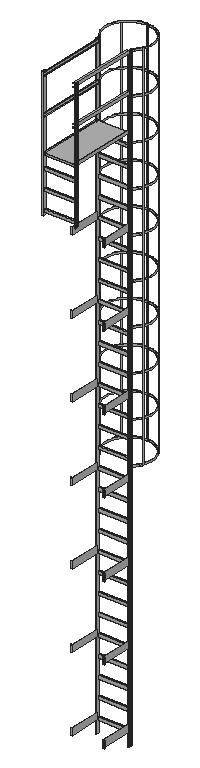
Revit family "Drabina_ewakuacyjna_z_attyka", category Specialty Equipment, host Wall, Revit 2019
Family settings
  Host = Wall
  Round Connector Dimension = Use Diameter
  Part Type = Normal
  Always vertical = Yes
  Cut with Voids When Loaded = No
  Shared = No
  Room Calculation Point = No
Parameters (values of type "50cm od sciany")
  Wysokosc_kosza [instance] = 6000 mm
  URL = "taniedrabiny.pl"
  Type Comments = "Drabina z koszem i wejściem na dach"
  Odsuniecie_od_sciany = Odleglosc_od_sciany + 20 mm  # 520 mm
  Odleglosc_od_sciany = 500 mm
  Material = Blacha ocynkowana Ruukki
  Liczba_szczebli [instance] = (Dlugosc_drabiny - 200 mm) / 300 mm - 4  # 29
  Liczba_okregow_kosza [instance] = Wysokosc_kosza / 600 mm  # 10
  Liczba_mocowan [instance] = Dlugosc_drabiny / 1200 mm - 1  # 7
  Kosz [instance] = yes
  Dlugosc_drabiny [instance] = 10000 mm
Types (3, lengths in mm): name | Odsuniecie_od_sciany | Odleglosc_od_sciany | Material | Liczba_szczebli | Liczba_mocowan | Dlugosc_drabiny
  16cm od sciany | 180 | 160 | Aluminum, Anodized Red | 21 | 5 | 7700
  30cm od sciany | 320 | 300 | Blacha ocynkowana Ruukki | 21 | 5 | 7700
  50cm od sciany | 520 | 500 | Blacha ocynkowana Ruukki | 29 | 7 | 10000
Reference planes
  plane 1 "Wall": y = 0
  plane 2 "Center (Left/Right)": x = 125
  plane 3 "Back": y = 75
  plane 4 "odsuniecie_od_sciany": y = 595
  plane 5: z = 1000
Forms (mm)
  Sweep 1, solid, material "Blacha ocynkowana Ruukki" <- "Material"
    path in 3D
      loop
        line (386, 595, 800) -> (386, 595, 10800)
    profile "Profil_cienkoscienny_C : Profil_cienkoscienny_C" origin (386, 595, 5800) x (-1, 0, 0) y (0, -1, 0)
      loop
        line (11, 18.5) -> (11, -18.5) -> (-12.5, -18.5) -> (-12.5, -20) -> (12.5, -20) -> (12.5, 20) -> (-12.5, 20) -> (-12.5, 18.5) -> (11, 18.5)
  Sweep 2, solid, material "Blacha ocynkowana Ruukki" <- "Material"
    path in 3D
      loop
        line (-136, 595, 800) -> (-136, 595, 10800)
    profile "Profil_cienkoscienny_C : Profil_cienkoscienny_C" origin (-136, 595, 5800) x (-1, 0, 0) y (0, -1, 0)
      loop
        line (-11, 18.5) -> (12.5, 18.5) -> (12.5, 20) -> (-12.5, 20) -> (-12.5, -20) -> (12.5, -20) -> (12.5, -18.5) -> (-11, -18.5) -> (-11, 18.5)
Lines and regions (mm)
  Masking region 1
    outline origin (0, 0, 0) x (1, 0, 0) y (0, 1, 0)
      loop
        line (-148.5, 613.5) -> (-148.5, 576.5) -> (-125, 576.5) -> (-125, 613.5) -> (-148.5, 613.5)
      loop
        line (375, 576.5) -> (398.5, 576.5) -> (398.5, 613.5) -> (375, 613.5) -> (375, 576.5)
  reference lines
    curve 1: line (386, 595, 800) -> (386, 595, 10800)
    curve 2: line (-136, 595, 800) -> (-136, 595, 10800)
  sketch lines
    curve 3: line (386, 595, 800) -> (386, 595, 10800)
    curve 4: line (-136, 595, 800) -> (-136, 595, 10800)
Text (mm)
  text "Placement Side" at (-1848.837, 1116.779, 0), in view "Ref. Level"
  text "Placement side" at (0, 1409.804, 2854.306), in view "Left"
  text "Placement side" at (0, 499.811, 2980.732), in view "Right"
Dimensions and locks
  locked: plane 3 "Back" to host wall
  equal spacing: curve 2, plane 2 "Center (Left/Right)", curve 1  (x2)
  level to curve 1 = 800 mm
  level to curve 2 = 800 mm
  "Dlugosc_drabiny": curve 1 to curve 1
  "Dlugosc_drabiny": curve 2 to curve 2
  curve 2 to curve 1 = 522 mm
  locked: curve 1 to plane 5 at 200
  "Odsuniecie_od_sciany": plane 3 "Back" to plane 4 "odsuniecie_od_sciany"
  Sweep 1 to Sweep 2 = 500 mm
  aligned and locked: plane 1 "Wall" to host wall
  aligned and locked: plane 4 "odsuniecie_od_sciany" to curve 2
  aligned and locked: plane 4 "odsuniecie_od_sciany" to nested 1
  aligned and locked: plane 5 to nested 1
  aligned and locked: nested 2 to Sweep 2  (x2)
  aligned and locked: nested 3 to plane 3 "Back"
  aligned and locked: plane 5 to nested 3
  aligned and locked: nested 4 to plane 5
  aligned and locked: plane 3 "Back" to nested 4
  aligned and locked: Sweep 2 to Masking region 1 sketch curve
  aligned and locked: Masking region 1 sketch curve to Sweep 2  (x2)
  aligned and locked: Sweep 2 to nested 3
  aligned and locked: Masking region 1 sketch curve to Sweep 1  (x3)
  aligned and locked: Sweep 1 to nested 4
  aligned and locked: plane 3 "Back" to nested 3
  aligned and locked: nested 4 to plane 3 "Back"
  aligned and locked: nested 5 to Sweep 2  (x2)
Automatic sketch dimensions
  Masking region 1 sketch curve to Masking region 1 sketch curve = 23.5 mm  (x2)
Nested families
  nested 1: "Szczeble_szereg" at (125, 595, 1025), type "Szczeble_szereg"
    with Szerokosc_szczebli 500 mm, Liczba_szczebli 29
  nested 2: "Kosz_drabiny" at (125, 615, 4800), visible <- "Kosz", type "Kosz_drabiny"
    with Wysokosc_kosza 6000 mm, Liczba_okregow_kosza 10
  nested 3: "Mocowania_szereg" at (-123.5, 325, 1000) x (0, -1, 0) z (0, 0, 1), type "Mocowanie"
    with Liczba_mocowan 7, Glebokosc 500 mm
  nested 4: "Mocowania_szereg" at (373.5, 325, 1000) x (0, -1, 0) z (0, 0, 1), type "Mocowanie"
    with Liczba_mocowan 7, Glebokosc 500 mm
  nested 5: "Przejscie_attyka_do_drabiny" at (125, 36.5, 8730) x (-1, 0, 0) z (0, 0, 1), type "Przejscie_attyka_do_drabiny"
Definition of nested family "Szczeble_szereg"
  Parameters (values of type "Szczeble_szereg")
    Szerokosc_szczebli = 512.5 mm
    Material = none
    Liczba_szczebli = 19
  Reference planes
    plane 1 "Center (Front/Back)": y = 0
    plane 2: z = 0
    plane 3 "Center (Left/Right)": x = 0
  Dimensions and locks
    equal spacing: group 1, group 2, group 3, group 4, group 5, group 6, group 7, group 8, group 9, group 10, group 11, group 12, group 13, group 14, group 15, group 16, group 17, group 18, group 19  (x3)
    aligned and locked: level to plane 2
  Nested families
    nested 1: "Szcebel_drabiny" at (0, 0, 0), type "Szcebel_drabiny"
    nested 2: "Szcebel_drabiny" at (0, 0, 300), type "Szcebel_drabiny"
    nested 3: "Szcebel_drabiny" at (0, 0, 600), type "Szcebel_drabiny"
    nested 4: "Szcebel_drabiny" at (0, 0, 900), type "Szcebel_drabiny"
    nested 5: "Szcebel_drabiny" at (0, 0, 1200), type "Szcebel_drabiny"
    nested 6: "Szcebel_drabiny" at (0, 0, 1500), type "Szcebel_drabiny"
    nested 7: "Szcebel_drabiny" at (0, 0, 1800), type "Szcebel_drabiny"
    nested 8: "Szcebel_drabiny" at (0, 0, 2100), type "Szcebel_drabiny"
    nested 9: "Szcebel_drabiny" at (0, 0, 2400), type "Szcebel_drabiny"
    nested 10: "Szcebel_drabiny" at (0, 0, 2700), type "Szcebel_drabiny"
    nested 11: "Szcebel_drabiny" at (0, 0, 3000), type "Szcebel_drabiny"
    nested 12: "Szcebel_drabiny" at (0, 0, 3300), type "Szcebel_drabiny"
    nested 13: "Szcebel_drabiny" at (0, 0, 3600), type "Szcebel_drabiny"
    nested 14: "Szcebel_drabiny" at (0, 0, 3900), type "Szcebel_drabiny"
    nested 15: "Szcebel_drabiny" at (0, 0, 4200), type "Szcebel_drabiny"
    nested 16: "Szcebel_drabiny" at (0, 0, 4500), type "Szcebel_drabiny"
    nested 17: "Szcebel_drabiny" at (0, 0, 4800), type "Szcebel_drabiny"
    nested 18: "Szcebel_drabiny" at (0, 0, 5100), type "Szcebel_drabiny"
    nested 19: "Szcebel_drabiny" at (0, 0, 5400), type "Szcebel_drabiny"
  Definition of nested family "Szcebel_drabiny"
    Parameters (values of type "Szcebel_drabiny")
      Wysokosc_szczebla = 50 mm
      Szerokosc_szczebla = 512.5 mm
      Material = none
      Liczba_szczebli = 5
    Reference planes
      plane 1 "Center (Front/Back)": y = 0
      plane 2: z = 0
      plane 3 "Center (Left/Right)": x = 0
    Forms (mm)
      Extrusion 1, solid, material <- "Material"
        sketch origin (0, 0, 0) x (1, 0, 0) y (0, 0, 1)
          loop
            line (-256.25, 25) -> (-256.25, -25) -> (256.25, -25) -> (256.25, 25) -> (-256.25, 25)
        from -15 to 15
    Dimensions and locks
      equal spacing: Extrusion 1, plane 3 "Center (Left/Right)", Extrusion 1
      "Szerokosc_szczebla": Extrusion 1 to Extrusion 1
      equal spacing: Extrusion 1, level, Extrusion 1
      "Wysokosc_szczebla": Extrusion 1 to Extrusion 1
      aligned and locked: level to plane 2
    Automatic sketch dimensions
      Extrusion 1 sketch curve to Extrusion 1 sketch curve = 512.5 mm
      Extrusion 1 sketch curve to Extrusion 1 sketch curve = 50 mm
      Extrusion 1 sketch curve to level = 25 mm
      Extrusion 1 sketch curve to plane 3 "Center (Left/Right)" = 256.25 mm
Definition of nested family "Kosz_drabiny"
  Parameters (values of type "Kosz_drabiny")
    Wysokosc_kosza = 2915 mm
    Szerokosc = 500 mm
    Promien = 375 mm
    Material = none
    Liczba_okregow_kosza = 6
  Reference planes
    plane 1 "Center (Front/Back)": y = 0
    plane 2: z = 0
    plane 3 "Center (Left/Right)": x = 0
    plane 4: z = 2915
  Forms (mm)
    Extrusion 1, solid, material <- "Material"
      sketch origin (0, 0, 0) x (1, 0, 0) y (0, 1, 0)
        loop
          line (-10, 656.508) -> (-10, 654.508) -> (10, 654.508) -> (10, 656.508) -> (-10, 656.508)
        loop
          line (-346.395, 130.033) -> (-344.507, 130.693) -> (-351.103, 149.574) -> (-352.991, 148.914) -> (-346.395, 130.033)
        loop
          line (-306.833, 499.588) -> (-305.252, 498.364) -> (-293.009, 514.179) -> (-294.591, 515.403) -> (-306.833, 499.588)
        loop
          line (346.395, 130.033) -> (352.991, 148.914) -> (351.103, 149.574) -> (344.507, 130.693) -> (346.395, 130.033)
        loop
          line (306.833, 499.588) -> (294.591, 515.403) -> (293.009, 514.179) -> (305.252, 498.364) -> (306.833, 499.588)
      from 0 to 2915
  Dimensions and locks
    "Wysokosc_kosza": plane 4 to plane 2
    equal spacing: group 1, group 3, group 4, group 5, group 6, group 2  (x3)
    aligned and locked: level to plane 2
    aligned and locked: nested 2 to plane 4
    aligned and locked: plane 4 to Extrusion 1
    aligned and locked: Extrusion 1 to level
  Automatic sketch dimensions
    Extrusion 1 sketch curve to plane 1 "Center (Front/Back)" = 148.914 mm
    Extrusion 1 sketch curve to plane 3 "Center (Left/Right)" = 352.991 mm
    Extrusion 1 sketch curve to plane 1 "Center (Front/Back)" = 149.574 mm  (x2)
    Extrusion 1 sketch curve to Extrusion 1 sketch curve = 1.888 mm  (x2)
    Extrusion 1 sketch curve to plane 1 "Center (Front/Back)" = 130.033 mm  (x2)
    Extrusion 1 sketch curve to plane 3 "Center (Left/Right)" = 306.833 mm
    Extrusion 1 sketch curve to Extrusion 1 sketch curve = 1.582 mm  (x2)
    Extrusion 1 sketch curve to Extrusion 1 sketch curve = 12.242 mm  (x2)
    Extrusion 1 sketch curve to plane 3 "Center (Left/Right)" = 10 mm
    plane 3 "Center (Left/Right)" to Extrusion 1 sketch curve = 10 mm
    plane 3 "Center (Left/Right)" to Extrusion 1 sketch curve = 293.009 mm
    plane 3 "Center (Left/Right)" to Extrusion 1 sketch curve = 344.507 mm
    Extrusion 1 sketch curve to Extrusion 1 sketch curve = 6.596 mm
    Extrusion 1 sketch curve to Extrusion 1 sketch curve = 348.79 mm  (x2)
    Extrusion 1 sketch curve to Extrusion 1 sketch curve = 1.224 mm  (x2)
    Extrusion 1 sketch curve to Extrusion 1 sketch curve = 140.329 mm
    Extrusion 1 sketch curve to Extrusion 1 sketch curve = 2 mm
  Nested families
    nested 1: "Kosz_blacha_okalajaca" at (0, 0, 25), type "Kosz_blacha_okalajaca"
    nested 2: "Kosz_blacha_okalajaca" at (0, 0, 2915), type "Kosz_blacha_okalajaca"
    nested 3: "Kosz_blacha_okalajaca" at (0, 0, 603), type "Kosz_blacha_okalajaca"
    nested 4: "Kosz_blacha_okalajaca" at (0, 0, 1181), type "Kosz_blacha_okalajaca"
    nested 5: "Kosz_blacha_okalajaca" at (0, 0, 1759), type "Kosz_blacha_okalajaca"
    nested 6: "Kosz_blacha_okalajaca" at (0, 0, 2337), type "Kosz_blacha_okalajaca"
  Definition of nested family "Kosz_blacha_okalajaca"
    Parameters (values of type "Kosz_blacha_okalajaca")
      Width = 500 mm
      Radius = 375 mm
      Material = none
    Reference planes
      plane 1 "Center (Front/Back)": y = 0
      plane 2: z = 0
      plane 3 "Center (Left/Right)": x = 0
      plane 4: x = -250
      plane 5: x = 250
    Forms (mm)
      Sweep 1, solid, material <- "Material"
        path in 3D
          loop
            arc (-250, 0, 0) -> (0, 654.508, 0) -> (250, 0, 0) r 375
        profile "Profil_blachy_kosz : Profil_blachy_kosz" origin (0, 654.508, 0) x (0, 1, 0) y (0, 0, 1)
          loop
            line (0, 0) -> (-2, 0) -> (-2, -25) -> (0, -25) -> (0, 0)
    Lines and regions (mm)
      reference lines
        curve 1: arc (-250, 0, 0) -> (0, 654.508, 0) -> (250, 0, 0) r 375
      sketch lines
        curve 2: arc (-250, 0, 0) -> (0, 654.508, 0) -> (250, 0, 0) r 375
    Dimensions and locks
      equal spacing: plane 4, plane 3 "Center (Left/Right)", plane 5
      plane 4 to plane 5 = 500 mm
      "Width": plane 4 to plane 5
      "Radius": radius of curve 1
      aligned and locked: level to plane 2
      aligned and locked: plane 5 to curve 1
      aligned and locked: plane 4 to curve 1
    Automatic sketch dimensions
      curve 1 to plane 3 "Center (Left/Right)" = 0 mm
      plane 1 "Center (Front/Back)" to curve 1 = 0 mm
Definition of nested family "Mocowania_szereg"
  Parameters (values of type "16cm")
    Wysokosc_calkowita = 2260 mm
    Wysokosc = 107.201 mm
    Szerokosc = 25 mm
    Material = none
    Liczba_mocowan = 5
    Glebokosc = 160 mm
  Types (4, lengths in mm): name | Glebokosc
    (no name) | 160
    16cm | 160
    30cm | 300
    50cm | 500
  Reference planes
    plane 1 "Center (Front/Back)": y = 0
    plane 2: z = 0
    plane 3 "Center (Left/Right)": x = 0
    plane 4: x = -80
    plane 5: x = 80
  Dimensions and locks
    equal spacing: plane 4, plane 3 "Center (Left/Right)", plane 5
    "Glebokosc": plane 4 to plane 5
    equal spacing: group 1, group 2, group 3, group 4, group 5  (x3)
    aligned and locked: level to plane 2
  Nested families
    nested 1: "Katawnik" at (0, 0, 0), type "16cm"
    nested 2: "Katawnik" at (0, 0, 1200), type "16cm"
    nested 3: "Katawnik" at (0, 0, 2400), type "16cm"
    nested 4: "Katawnik" at (0, 0, 3600), type "16cm"
    nested 5: "Katawnik" at (0, 0, 4800), type "16cm"
  Definition of nested family "Katawnik"
    Parameters (values of type "16cm")
      Wysokosc = 107.201 mm
      Szerokosc = 25 mm
      Material = none
      Glebokosc = 160 mm
    Reference planes
      plane 1 "Center (Front/Back)": y = 0
      plane 2: z = 0
      plane 3 "Center (Left/Right)": x = 0
    Forms (mm)
      Extrusion 1, solid, material <- "Material"
        sketch origin (0, 0, 0) x (1, 0, 0) y (0, 1, 0)
          loop
            line (-80, 0) -> (-80, -25) -> (-78, -25) -> (-78, -2) -> (78, -2) -> (78, -25) -> (80, -25) -> (80, 0) -> (-80, 0)
        from 0 to 107.201 <- "Wysokosc"
    Dimensions and locks
      locked: Extrusion 1 sketch curve to Extrusion 1 sketch curve at 2  (x3)
      equal spacing: Extrusion 1, plane 3 "Center (Left/Right)", Extrusion 1
      "Glebokosc": Extrusion 1 to Extrusion 1
      "Szerokosc": Extrusion 1 to plane 1 "Center (Front/Back)"
      aligned and locked: level to plane 2
      aligned and locked: Extrusion 1 sketch curve to Extrusion 1 sketch curve
    Automatic sketch dimensions
      plane 1 "Center (Front/Back)" to Extrusion 1 sketch curve = 0 mm
      Extrusion 1 sketch curve to plane 3 "Center (Left/Right)" = 80 mm
      plane 3 "Center (Left/Right)" to Extrusion 1 sketch curve = 78 mm
      Extrusion 1 sketch curve to Extrusion 1 sketch curve = 23 mm
Definition of nested family "Przejscie_attyka_do_drabiny"
  Parameters (values of type "Przejscie_attyka_do_drabiny")
    Wysokosc = 2070 mm
    Szerokosc = 550 mm
    Material = none
    Dlugosc = 1080 mm
  Reference planes
    plane 1 "Center (Front/Back)": y = 0
    plane 2: z = 0
    plane 3 "Center (Left/Right)": x = 0
    plane 4: x = -275
    plane 5: x = 275
    plane 6: y = 540
    plane 7: y = -540
    plane 8 "szczyt": z = 2070
    plane 9 "podest": z = 900
    plane 10 "porecz1": z = 1458.446
  Forms (mm)
    Extrusion 1, solid, material <- "Material"
      sketch origin (0, 0, 900) x (-1, 0, 0) y (0, -1, 0)
        loop
          line (248.5, -540) -> (248.5, 535) -> (-248.5, 535) -> (-248.5, -540) -> (248.5, -540)
      from -23.5 to 0
    Extrusion 2, solid, material <- "Material"
      sketch origin (2.5, 0, 0) x (1, 0, 0) y (0, 0, 1)
        loop
          line (-252.5, 1483.446) -> (-252.5, 1433.446) -> (-227.5, 1433.446) -> (-227.5, 1434.946) -> (-251, 1434.946) -> (-251, 1481.946) -> (-227.5, 1481.946) -> (-227.5, 1483.446) -> (-252.5, 1483.446)
        loop
          line (247.5, 1483.446) -> (222.5, 1483.446) -> (222.5, 1481.946) -> (246, 1481.946) -> (246, 1434.946) -> (222.5, 1434.946) -> (222.5, 1433.446) -> (247.5, 1433.446) -> (247.5, 1483.446)
        loop
          line (-252.5, 2070) -> (-252.5, 2020) -> (-227.5, 2020) -> (-227.5, 2021.5) -> (-251, 2021.5) -> (-251, 2068.5) -> (-227.5, 2068.5) -> (-227.5, 2070) -> (-252.5, 2070)
        loop
          line (247.5, 2070) -> (222.5, 2070) -> (222.5, 2068.5) -> (246, 2068.5) -> (246, 2021.5) -> (222.5, 2021.5) -> (222.5, 2020) -> (247.5, 2020) -> (247.5, 2070)
      from -540 to 540
    Extrusion 3, solid, material <- "Material"
      sketch origin (0, 0, 1458.446) x (-1, 0, 0) y (0, -1, 0)
        loop
          line (275, -540) -> (275, -538.5) -> (251.5, -538.5) -> (251.5, -501.5) -> (275, -501.5) -> (275, -500) -> (250, -500) -> (250, -540) -> (275, -540)
        loop
          line (-275, -540) -> (-250, -540) -> (-250, -500) -> (-275, -500) -> (-275, -501.5) -> (-251.5, -501.5) -> (-251.5, -538.5) -> (-275, -538.5) -> (-275, -540)
      from -1458.446 to 611.554
    Sweep 4, solid, material <- "Material"
      path in 3D
        loop
          line (248.5, -535, 900) -> (248.5, 540, 900)
      profile "Profil_cienkoscienny_C : Profil_cienkoscienny_C_niski" origin (248.5, 2.5, 900) x (-1, 0, 0) y (0, 0, 1)
        loop
          line (0, 13.5) -> (13.5, 13.5) -> (13.5, 15) -> (-1.5, 15) -> (-1.5, -25) -> (13.5, -25) -> (13.5, -23.5) -> (0, -23.5) -> (0, 13.5)
    Sweep 5, solid, material <- "Material"
      path in 3D
        loop
          line (-248.5, 540, 900) -> (-248.5, -535, 900)
      profile "Profil_cienkoscienny_C : Profil_cienkoscienny_C_niski" origin (-248.5, 2.5, 900) x (1, 0, 0) y (0, 0, 1)
        loop
          line (0, 13.5) -> (13.5, 13.5) -> (13.5, 15) -> (-1.5, 15) -> (-1.5, -25) -> (13.5, -25) -> (13.5, -23.5) -> (0, -23.5) -> (0, 13.5)
    Extrusion 6, solid, material <- "Material"
      sketch origin (0, 0, -15) x (0, -1, 0) y (0, 0, -1)
        loop
          line (-505, -115) -> (-505, -65) -> (-535, -65) -> (-535, -115) -> (-505, -115)
      from -250 to 250
    Extrusion 7, solid, material <- "Material"
      sketch origin (0, 0, 285) x (0, -1, 0) y (0, 0, -1)
        loop
          line (-505, -115) -> (-505, -65) -> (-535, -65) -> (-535, -115) -> (-505, -115)
      from -250 to 250
    Extrusion 8, solid, material <- "Material"
      sketch origin (0, 0, 585) x (0, -1, 0) y (0, 0, -1)
        loop
          line (-505, -115) -> (-505, -65) -> (-535, -65) -> (-535, -115) -> (-505, -115)
      from -250 to 250
  Lines and regions (mm)
    reference lines
      curve 1: line (13731.091, 1179.629, 0) -> (14431.091, 1179.629, 0)
      curve 2: line (14231.091, 1629.629, 0) -> (13466.091, 1629.629, 0)
    sketch lines
      curve 3: line (248.5, -535, 900) -> (248.5, 540, 900)
      curve 4: line (-248.5, 540, 900) -> (-248.5, -535, 900)
  Dimensions and locks
    equal spacing: plane 4, plane 3 "Center (Left/Right)", plane 5
    "Szerokosc": plane 4 to plane 5
    equal spacing: plane 6, plane 1 "Center (Front/Back)", plane 7
    "Dlugosc": plane 6 to plane 7
    "Wysokosc": plane 8 "szczyt" to plane 2
    plane 9 "podest" to plane 2 = 900 mm
    aligned and locked: level to plane 2
    aligned and locked: plane 6 to Extrusion 2
    aligned and locked: Extrusion 2 to plane 7
    aligned and locked: plane 9 "podest" to Extrusion 1
    aligned and locked: plane 6 to Extrusion 1
  Automatic sketch dimensions
    plane 6 to curve 2 = 1089.629 mm
    plane 5 to curve 2 = 13191.091 mm
    curve 2 to curve 1 = 265 mm
    curve 1 to curve 2 = 500 mm
    curve 2 to curve 1 = 200 mm
    curve 1 to curve 2 = 450 mm
    Extrusion 1 sketch curve to plane 6 = 0 mm
    Extrusion 1 sketch curve to plane 5 = 26.5 mm
    plane 7 to Extrusion 1 sketch curve = 5 mm
    plane 4 to Extrusion 1 sketch curve = 26.5 mm
    Extrusion 2 sketch curve to plane 8 "szczyt" = 0 mm  (x2)
    plane 4 to Extrusion 2 sketch curve = 25 mm  (x2)
    Extrusion 2 sketch curve to Extrusion 2 sketch curve = 1.5 mm  (x10)
    Extrusion 2 sketch curve to Extrusion 2 sketch curve = 23.5 mm  (x6)
    Extrusion 2 sketch curve to plane 8 "szczyt" = 1.5 mm  (x2)
    Extrusion 2 sketch curve to plane 10 "porecz1" = 23.5 mm  (x2)
    Extrusion 2 sketch curve to plane 5 = 50 mm  (x2)
    Extrusion 2 sketch curve to Extrusion 2 sketch curve = 0 mm  (x2)
    plane 10 "porecz1" to Extrusion 2 sketch curve = 23.5 mm  (x2)
    Extrusion 2 sketch curve to Extrusion 2 sketch curve = 48.5 mm  (x2)
    Extrusion 3 sketch curve to plane 5 = 0 mm  (x2)
    Extrusion 3 sketch curve to plane 6 = 0 mm  (x2)
    Extrusion 3 sketch curve to plane 4 = 0 mm  (x2)
    Extrusion 3 sketch curve to plane 6 = 1.5 mm  (x2)
    Extrusion 3 sketch curve to Extrusion 3 sketch curve = 23.5 mm
    Extrusion 3 sketch curve to Extrusion 3 sketch curve = 1.5 mm  (x4)
    Extrusion 3 sketch curve to Extrusion 3 sketch curve = 25 mm
    Extrusion 3 sketch curve to Extrusion 3 sketch curve = 37 mm  (x2)
    plane 6 to Extrusion 6 sketch curve = 5 mm
    Extrusion 6 sketch curve to Extrusion 6 sketch curve = 30 mm
    Extrusion 6 sketch curve to level = 50 mm
    Extrusion 6 sketch curve to Extrusion 6 sketch curve = 50 mm
    plane 6 to Extrusion 7 sketch curve = 5 mm
    Extrusion 7 sketch curve to Extrusion 7 sketch curve = 30 mm
    Extrusion 7 sketch curve to level = 350 mm
    Extrusion 7 sketch curve to Extrusion 7 sketch curve = 50 mm
    plane 6 to Extrusion 8 sketch curve = 5 mm
    Extrusion 8 sketch curve to Extrusion 8 sketch curve = 30 mm
    plane 9 "podest" to Extrusion 8 sketch curve = 250 mm
    Extrusion 8 sketch curve to Extrusion 8 sketch curve = 50 mm
